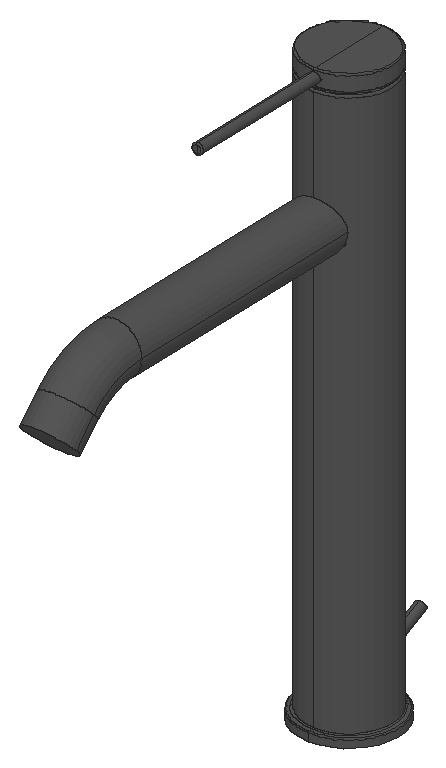
Revit family "Faucet-Lavatory-KOHLER-COMPONENTS-K-77959T_2", category Plumbing Fixtures, host Face, Revit 2017
Family settings
  Host = Face
  Round Connector Dimension = Use Diameter
  Part Type = Normal
  OmniClass Number = 23.31.11.00
  OmniClass Title = Faucets
  Cut with Voids When Loaded = No
  Shared = No
  Room Calculation Point = No
Parameters (values of type "BL-Matte Black")
  Width = 1 7/8"  # constant formula
  WaterSense Certified = 1 = 0  # no
  Waste Water Outlet = "Waste Water Outlet"  # constant formula
  Waste Connection = 1 = 0  # no
  Vent Connection = 1 = 0  # no
  URL = "http://www.kohler.com.cn/"
  Type = 1
  Spout Reach = 7"  # constant formula
  Product Page URL = "https://www.kohler.com.cn/product/K-77959T-4AMU-BL/K-77959T-4AMU-BL/"
  Product Name = "COMPONENTS"  # constant formula
  Product Documentation Link = "https://files.kohler.com.cn/pdfs/1565148555052_1285730-2-C(77958T-4A&4AMU%2077959T-4A&4AMU%2077960T-4A).pdf"
  Pressure = 0.00 psi
  Model = if(Type = 1, "K-77959T-4AMU-BL", if(Type = 2, "K-77959T-4AMU-BLR", "NA"))  # "K-77959T-4AMU-BL"
  Material = "Premium Metal Construction"  # constant formula
  Master Format 2014 Name = "Residential Faucets, Supplies, and Trim"  # constant formula
  Master Format 2014 = "22 41 39"  # constant formula
  Manufacturer Address = "Kohler Beijing Office (100016) 36-2-03-B, No. 88, Liuxiang Road, Beijing"  # constant formula
  Manufacturer = "KOHLER Co."  # constant formula
  Length = Spout Reach  # 7"
  Hot Water Inlet = "Hot Water Inlet"  # constant formula
  Height = 11 1/4"  # constant formula
  Handle Clearance = 3 9/16"  # constant formula
  HW Connection = 1 = 1  # yes
  Flow Rate = 0 GPM
  Finish = Kohler-Metal-BL-Matte_Black
  Environmental Product Declaration = ""
  Drain Included = 1 = 1  # yes
  Description = "Yi Ting single-handle bowl mixer (Manchester United limited edition)"  # constant formula
  Default Elevation = 36"
  Declare Label = ""
  Date Modified = "01/14/2021"  # constant formula
  Date Created = "01/14/2021"  # constant formula
  Copyright = "Copyright KOHLER Co."  # constant formula
  Contact Us = "http://www.kohler.com.cn/contact/contact-us/"
  Cold Water Inlet = "Cold Water Inlet"  # constant formula
  CW Connection = 1 = 1  # yes
  BLR = Kohler-Metal-BL-Matte_Black
  Assembly Code = "D2010"
  ADA Compliant = 1 = 0  # no
Types (3): name | Type | Product Page URL | Model | BLR
  (no name) | 1 | "https://www.kohler.com.cn/product/K-77959T-4AMU-BL/K-77959T-4AMU-BL/" | "K-77959T-4AMU-BL" | Kohler-Metal-BL-Matte_Black
  BL-Matte Black | 1 | "https://www.kohler.com.cn/product/K-77959T-4AMU-BL/K-77959T-4AMU-BL/" | "K-77959T-4AMU-BL" | Kohler-Metal-BL-Matte_Black
  BLR-Primary Color Black Red | 2 | "https://www.kohler.com.cn/product/K-77959T-4AMU-BLR/K-77959T-4AMU-BLR/" | "K-77959T-4AMU-BLR" | Kohler-Metal-RGD-Rose_Gold
Reference planes (in)
  plane 1 "Center (Front/Back)": y = 0
  plane 2: z = 0
  plane 3 "Center (Left/Right)": x = 0
  plane 4: x = -0.9375
  plane 5: x = 0.9375
  plane 6: y = -7
  plane 7: z = 11.25
  plane 8: y = -3.5625
  plane 9: y = 0.9375
  plane 10: y = -0.9375
  plane 11: x = -0.49213
  plane 12: x = 0.49213
  plane 13: y = -7.34799
  plane 14: x = -0.09844
  plane 15: x = 0.09844
  plane 16: x = -0.81693
  plane 17: x = 0.81693
  plane 18: y = 0.81693
  plane 19: y = -0.81693
  plane 20: z = 1.46407
  plane 21: z = 7.87402
  plane 22: z = 9.08465
  plane 23: z = 8.10039
  plane 24: z = 0.18202
Dimensions and locks (in)
  equal spacing: plane 4, plane 3 "Center (Left/Right)", plane 5
  "Width": plane 4 to plane 5
  "Length": plane 6 to plane 1 "Center (Front/Back)"
  "Height": plane 7 to plane 2
  "Spout Reach": plane 6 to plane 1 "Center (Front/Back)"
  "Handle Clearance": plane 8 to plane 1 "Center (Front/Back)"
  plane 13 to plane 1 "Center (Front/Back)" = 7.34799"
  plane 16 to plane 17 = 1.63386"
  plane 21 to level = 7.87402"
  plane 22 to plane 23 = 0.98425"
  aligned and locked: plane 2 to host face
  aligned and locked: level to host face
Automatic sketch dimensions
  host sketch curve to host sketch curve = 96"  (x2)
Nested families (in)
  nested 1: "K-77959T" at (0, 0, 0), type "K-77959T"
Connectors (in)
  piping at (-0.49213, 0, 0), diameter 0.5, driven by "Flow Rate", driven by "Pressure", driven by "HW Connection", driven by "Hot Water Inlet"
    settings: on nested 1, index 1, connector inside diameter 24", connector length 0", flow factor 0, pipe flow 0 GPM, pressure drop 0.00 psi, fitting loss kfactor 0, connector angle 0.00°, fixture units 0, engagement length 0", angle of deflection 0.00°, flow configuration 0, flow direction 1, fitting loss method 0, system type 19, joint type 0, gender type 0, connector reference index -1, connector utility 1, adjustable connector no, is connector primary yes, connector description "Hot Water Inlet"
  piping at (0.49213, 0, 0), diameter 0.5, driven by "Flow Rate", driven by "Pressure", driven by "CW Connection", driven by "Cold Water Inlet"
    settings: on nested 1, index 2, connector inside diameter 24", connector length 0", flow factor 0, pipe flow 0 GPM, pressure drop 0.00 psi, fitting loss kfactor 0, connector angle 0.00°, fixture units 0, engagement length 0", angle of deflection 0.00°, flow configuration 0, flow direction 1, fitting loss method 0, system type 20, joint type 0, gender type 0, connector reference index -1, connector utility 1, adjustable connector no, is connector primary no, connector description "Cold Water Inlet"
Definition of nested family "K-77959T"
  Parameters (values of type "K-77959T")
    Material = none
    BLR = none
  Reference planes (in)
    plane 1 "Center (Front/Back)": y = 0
    plane 2: z = 0
    plane 3 "Center (Left/Right)": x = 0
    plane 4: z = 11.25
    plane 5: y = -7
    plane 6: x = -0.9375
    plane 7: x = 0.9375
    plane 8: y = 0.9375
    plane 9: y = -3.5625
    plane 10: x = -0.50519
    plane 11: x = 0.50519
    plane 12: x = -0.50519
  Forms (in)
    Revolve 1, solid, material <- "Material", detail levels medium+fine
      sketch origin (0, 0, 0) x (0, 1, 0) y (0, 0, 1)
        loop
          line (0.9375, 0) -> (0.9375, 0.13853)
          arc (0.9375, 0.13853) -> (0.93256, 0.15279) -> (0.91985, 0.16092) r 0.02303
          line (0.91985, 0.16092) -> (0.86459, 0.17419)
          arc (0.86459, 0.17419) -> (0.8409, 0.17897) -> (0.81693, 0.18202) r 0.3321
          line (0.81693, 0.18202) -> (0.81693, 10.85654)
          arc (0.81693, 10.85654) -> (0.80957, 10.87971) -> (0.7902, 10.8944) r 0.04017
          line (0.7902, 10.8944) -> (0.6758, 10.93504) -> (0.79725, 10.93504)
          arc (0.79725, 10.93504) -> (0.81117, 10.9408) -> (0.81693, 10.95472) r 0.01968
          line (0.81693, 10.95472) -> (0.81693, 11.22853)
          arc (0.81693, 11.22853) -> (0.81064, 11.24371) -> (0.79546, 11.25) r 0.02147
          line (0.79546, 11.25) -> (0, 11.25) -> (0, 0) -> (0.9375, 0)
        axis (0, 0) -> (0, 11.25)
      angle from 0 to 360
    Sweep 2, solid, material <- "Material"
      path origin (0, 0, 0) x (0, 1, 0) y (0, 0, 1)
        loop
          line (-7, 7.71369) -> (-6.58242, 8.13127)
          arc (-6.58242, 8.13127) -> (-6.07151, 8.47265) -> (-5.46886, 8.59252) r 1.5748
          line (-5.46886, 8.59252) -> (0, 8.59252)
      profile origin (0, -2.73443, 8.59252) x (0, 0, 1) y (1, 0, 0)
        loop
          circle (0, 0) r 0.49213
    Extrusion 3, solid, material <- "BLR", detail levels coarse
      sketch origin (0, 0, 4.45312) x (1, 0, 0) y (0, 0, 1)
        loop
          circle (0, 6.64764) r 0.09843
      from 0 to 3.5625
    Revolve 4, solid, material <- "BLR", detail levels medium+fine
      sketch origin (0, 0, 0.20312) x (0, 1, 0) y (0, 0, 1)
        loop
          line (-3.5625, 10.89764) -> (0, 10.89764) -> (0, 10.99606) -> (-3.54274, 10.99606)
          arc (-3.54274, 10.99606) -> (-3.55671, 10.99028) -> (-3.5625, 10.97631) r 0.01976
          line (-3.5625, 10.97631) -> (-3.5625, 10.89764)
        axis (-3.5625, 10.89764) -> (0, 10.89764)
      angle from 0 to 360
    Extrusion 5, solid, material <- "Material", detail levels coarse
      sketch origin (0, 0, 0) x (1, 0, 0) y (0, 1, 0)
        loop
          circle (0, 0) r 0.9375
      from 0 to 11.25966
    Sweep 6, solid, material <- "Material", detail levels medium+fine
      path origin (0, -0.00735, -0.00195) x (0, 1, 0) y (0, 0, 1)
        loop
          line (0.33179, 1.05137) -> (1.2381, 1.47399)
      profile origin (0, 1.23074, 1.47204) x (0, -0.422618, 0.906308) y (1, 0, 0)
        loop
          circle (0, 0.37336) r 0.09396
    Sweep 7, void
      path origin (0, -0.00735, -0.00195) x (0, 1, 0) y (0, 0, 1)
        loop
          line (0.33179, 1.05137) -> (1.2381, 1.47399)
      profile origin (0, 1.23074, 1.47204) x (0, -0.422618, 0.906308) y (1, 0, 0)
        loop
          circle (0, 0.37336) r 0.13508
    Extrusion 8, solid, material <- "Material", detail levels medium+fine
      sketch origin (0, 0, 0) x (1, 0, 0) y (0, 1, 0)
        loop
          circle (0.49213, 0) r 0.1875
        loop
          circle (-0.49213, 0) r 0.1875
      from 0 to 0.125
  Cuts and joins
    Sweep 7 cuts Revolve 1
    Sweep 7 cuts Extrusion 5
  Lines and regions (in)
    Masking region 1
      outline origin (0, 0, 0) x (1, 0, 0) y (0, 0, 1)
        loop
          line (-0.9375, 0) -> (0.9375, 0) -> (0.9375, 0.13853)
          arc (0.9375, 0.13853) -> (0.93256, 0.15279) -> (0.91985, 0.16092) r 0.02303
          line (0.91985, 0.16092) -> (0.86459, 0.17419)
          arc (0.86459, 0.17419) -> (0.8409, 0.17897) -> (0.81693, 0.18202) r 0.3321
          line (0.81693, 0.18202) -> (0.81693, 10.85654)
          arc (0.81693, 10.85654) -> (0.80957, 10.87971) -> (0.7902, 10.8944) r 0.04017
          line (0.7902, 10.8944) -> (0.6758, 10.93504) -> (0.79725, 10.93504)
          arc (0.79725, 10.93504) -> (0.81117, 10.9408) -> (0.81693, 10.95472) r 0.01968
          line (0.81693, 10.95472) -> (0.81693, 11.22853)
          arc (0.81693, 11.22853) -> (0.81064, 11.24371) -> (0.79546, 11.25) r 0.02147
          line (0.79546, 11.25) -> (-0.79546, 11.25)
          arc (-0.79546, 11.25) -> (-0.81064, 11.24371) -> (-0.81693, 11.22853) r 0.02147
          line (-0.81693, 11.22853) -> (-0.81693, 10.95472)
          arc (-0.81693, 10.95472) -> (-0.81117, 10.9408) -> (-0.79725, 10.93504) r 0.01968
          line (-0.79725, 10.93504) -> (-0.6758, 10.93504) -> (-0.7902, 10.8944)
          arc (-0.7902, 10.8944) -> (-0.80957, 10.87971) -> (-0.81693, 10.85654) r 0.04017
          line (-0.81693, 10.85654) -> (-0.81693, 0.18202)
          arc (-0.81693, 0.18202) -> (-0.8409, 0.17897) -> (-0.86459, 0.17419) r 0.3321
          line (-0.86459, 0.17419) -> (-0.91985, 0.16092)
          arc (-0.91985, 0.16092) -> (-0.93256, 0.15279) -> (-0.9375, 0.13853) r 0.02303
          line (-0.9375, 0.13853) -> (-0.9375, 0)
    Masking region 2
      outline origin (0, 0, 0) x (0, 1, 0) y (0, 0, 1)
        loop
          line (0.9375, 0) -> (0.9375, 0.13853)
          arc (0.9375, 0.13853) -> (0.93256, 0.15279) -> (0.91985, 0.16092) r 0.02303
          line (0.91985, 0.16092) -> (0.86459, 0.17419)
          arc (0.86459, 0.17419) -> (0.8409, 0.17897) -> (0.81693, 0.18202) r 0.3321
          line (0.81693, 0.18202) -> (0.81693, 1.1754) -> (1.27046, 1.38688) -> (1.19103, 1.5572) -> (0.81693, 1.38275) -> (0.81693, 10.85654)
          arc (0.81693, 10.85654) -> (0.80957, 10.87971) -> (0.7902, 10.8944) r 0.04017
          line (0.7902, 10.8944) -> (0.6758, 10.93504) -> (0.79725, 10.93504)
          arc (0.79725, 10.93504) -> (0.81117, 10.9408) -> (0.81693, 10.95472) r 0.01968
          line (0.81693, 10.95472) -> (0.81693, 11.22853)
          arc (0.81693, 11.22853) -> (0.81064, 11.24371) -> (0.79546, 11.25) r 0.02147
          line (0.79546, 11.25) -> (-0.79546, 11.25)
          arc (-0.79546, 11.25) -> (-0.81064, 11.24371) -> (-0.81693, 11.22853) r 0.02147
          line (-0.81693, 11.22853) -> (-0.81693, 11.19781) -> (-3.54228, 11.19781)
          arc (-3.54228, 11.19781) -> (-3.55658, 11.19189) -> (-3.5625, 11.17759) r 0.02022
          line (-3.5625, 11.17759) -> (-3.5625, 11.02256)
          arc (-3.5625, 11.02256) -> (-3.55658, 11.00826) -> (-3.54228, 11.00234) r 0.02022
          line (-3.54228, 11.00234) -> (-0.81693, 11.00234) -> (-0.81693, 10.95472)
          arc (-0.81693, 10.95472) -> (-0.81117, 10.9408) -> (-0.79725, 10.93504) r 0.01968
          line (-0.79725, 10.93504) -> (-0.6758, 10.93504) -> (-0.7902, 10.8944)
          arc (-0.7902, 10.8944) -> (-0.80957, 10.87971) -> (-0.81693, 10.85654) r 0.04017
          line (-0.81693, 10.85654) -> (-0.81693, 9.08465) -> (-5.46886, 9.08465)
          arc (-5.46886, 9.08465) -> (-6.25984, 8.92731) -> (-6.9304, 8.47926) r 2.06693
          line (-6.9304, 8.47926) -> (-7.34799, 8.06167) -> (-6.65201, 7.3657) -> (-6.23443, 7.78329)
          arc (-6.23443, 7.78329) -> (-5.88319, 8.01798) -> (-5.46886, 8.10039) r 1.08268
          line (-5.46886, 8.10039) -> (-0.81693, 8.10039) -> (-0.81693, 0.18202)
          arc (-0.81693, 0.18202) -> (-0.8409, 0.17897) -> (-0.86459, 0.17419) r 0.3321
          line (-0.86459, 0.17419) -> (-0.91985, 0.16092)
          arc (-0.91985, 0.16092) -> (-0.93256, 0.15279) -> (-0.9375, 0.13853) r 0.02303
          line (-0.9375, 0.13853) -> (-0.9375, 0) -> (0.9375, 0)
    Masking region 3
      outline origin (0, 0, 0) x (1, 0, 0) y (0, 1, 0)
        loop
          arc (0.49213, -0.79795) -> (0.93739, 0.01444) -> (0.46732, 0.81272) r 0.9375
          line (0.46732, 0.81272) -> (0.46732, 1.23074)
          spline (0.46732, 1.23074) -> (0.46412, 1.24102) -> (0.45473, 1.2506) -> (0.4398, 1.25882) -> (0.42034, 1.26513) -> (0.39768, 1.2691) -> (0.37336, 1.27046) -> (0.34904, 1.2691) -> (0.32637, 1.26513) -> (0.30691, 1.25882) -> (0.29198, 1.2506) -> (0.28259, 1.24102) -> (0.27939, 1.23074)
          line (0.27939, 1.23074) -> (0.27939, 0.8949)
          arc (0.27939, 0.8949) -> (-0.85308, 0.38879) -> (-0.49213, -0.79795) r 0.9375
          line (-0.49213, -0.79795) -> (-0.49213, -7)
          spline (-0.49213, -7) -> (-0.47536, -7.09007) -> (-0.42619, -7.17399) -> (-0.34799, -7.24606) -> (-0.24606, -7.30136) -> (-0.12737, -7.33613) -> (0, -7.34799) -> (0.12737, -7.33613) -> (0.24606, -7.30136) -> (0.34799, -7.24606) -> (0.42619, -7.17399) -> (0.47536, -7.09007) -> (0.49213, -7)
          line (0.49213, -7) -> (0.49213, -0.79795)
    symbolic lines, detail levels medium+fine
      curve 1: line (-0.81693, 0, 10.85654) -> (0.81693, 0, 10.85654)
      curve 2: line (-0.6758, 0, 10.93504) -> (0.6758, 0, 10.93504)
      curve 3: line (-0.81693, 0, 0.18202) -> (0.81693, 0, 0.18202)
      curve 4: spline (0.49213, 0, 7.71369) -> (0.47536, 0, 7.80375) -> (0.42619, 0, 7.88768) -> (0.34799, 0, 7.95975) -> (0.24606, 0, 8.01505) -> (0.12737, 0, 8.04982) -> (0, 0, 8.06167) -> (-0.12737, 0, 8.04982) -> (-0.24606, 0, 8.01505) -> (-0.34799, 0, 7.95975) -> (-0.42619, 0, 7.88768) -> (-0.47536, 0, 7.80375) -> (-0.49213, 0, 7.71369) -> (-0.47536, 0, 7.62362) -> (-0.42619, 0, 7.53969) -> (-0.34799, 0, 7.46762) -> (-0.24606, 0, 7.41232) -> (-0.12737, 0, 7.37756) -> (0, 0, 7.3657) -> (0.12737, 0, 7.37756) -> (0.24606, 0, 7.41232) -> (0.34799, 0, 7.46762) -> (0.42619, 0, 7.53969) -> (0.47536, 0, 7.62362) -> (0.49213, 0, 7.71369)
      curve 5: arc (0.49213, 0, 8.59252) -> (0, 0, 9.08465) -> (-0.49213, 0, 8.59252) r 0.49213
      curve 6: line (-0.49213, 0, 7.71369) -> (-0.49213, 0, 8.59252)
      curve 7: line (0.49213, 0, 7.71369) -> (0.49213, 0, 8.59252)
      curve 8: circle (0, 0, 11.10076) r 0.09843 normal (0, -1, 0)
      curve 9: line (0, -0.81693, 11.19919) -> (0, -0.81693, 11.00234)
      curve 10: line (0, 0.79725, 10.93504) -> (0, -0.79725, 10.93504)
      curve 11: line (0, 0.81693, 10.85654) -> (0, -0.81693, 10.85654)
      curve 12: line (0, 0.81693, 0.18202) -> (0, -0.81693, 0.18202)
      curve 13: arc (0, -0.81693, 9.08465) -> (0, -0.74828, 8.59252) -> (0, -0.81693, 8.10039) r 1.79829
      curve 14: line (-0.09844, -0.81098, 0) -> (-0.09844, -3.55469, 0)
      curve 15: line (0.09842, -0.81098, 0) -> (0.09842, -3.55358, 0)
      curve 16: circle (0, 0, 0) r 0.81693 normal (0, 0, 1)
      curve 17: line (0.0895, -3.5625, 0) -> (-0.09063, -3.5625, 0)
      curve 18: arc (0.09842, -3.55358, 0) -> (0.09581, -3.55989, 0) -> (0.0895, -3.5625, 0) r 0.00892
      curve 19: arc (-0.09844, -3.55469, 0) -> (-0.09615, -3.56021, 0) -> (-0.09063, -3.5625, 0) r 0.00781
      curve 20: line (-0.49213, -0.79795, 0) -> (-0.49213, -0.65206, 0)
      curve 21: line (0.49213, -0.79795, 0) -> (0.49213, -0.65206, 0)
      curve 22: line (0, 0.71848, 1.03227) -> (0, 0.71848, 1.41418)
      curve 23: arc (0, 0.71848, 1.41418) -> (0, 0.73281, 1.41784) -> (0, 0.74716, 1.41423) r 0.0301
      curve 24: arc (0, 0.74716, 1.41423) -> (0, 0.76999, 1.39472) -> (0, 0.78275, 1.36753) r 0.0712
      curve 25: arc (0, 0.74845, 1.05921) -> (0, 0.73538, 1.04361) -> (0, 0.71848, 1.03227) r 0.07226
      curve 26: arc (0, 0.77677, 1.15751) -> (0, 0.76942, 1.1064) -> (0, 0.74845, 1.05921) r 0.18796
      curve 27: line (0, 0.81693, 1.38275) -> (0, 0.63577, 1.3021)
      curve 28: line (0, 0.81693, 1.1754) -> (0, 0.61919, 1.08736)
      curve 29: spline (0.27939, 1.23074, 0) -> (0.28259, 1.22047, 0) -> (0.29198, 1.21089, 0) -> (0.30691, 1.20266, 0) -> (0.32637, 1.19635, 0) -> (0.34904, 1.19239, 0) -> (0.37336, 1.19103, 0) -> (0.39768, 1.19239, 0) -> (0.42034, 1.19635, 0) -> (0.4398, 1.20266, 0) -> (0.45473, 1.21089, 0) -> (0.46412, 1.22047, 0) -> (0.46732, 1.23074, 0)
      curve 30: arc (0.46732, 0.81272, 0) -> (0.37561, 0.85897, 0) -> (0.27939, 0.8949, 0) r 0.9375
  Dimensions and locks (in)
    locked: plane 5 to plane 1 "Center (Front/Back)" at 7
    locked: level to plane 4 at 11.25
    plane 1 "Center (Front/Back)" to plane 9 = 3 9/16"
    aligned and locked: plane 2 to level
